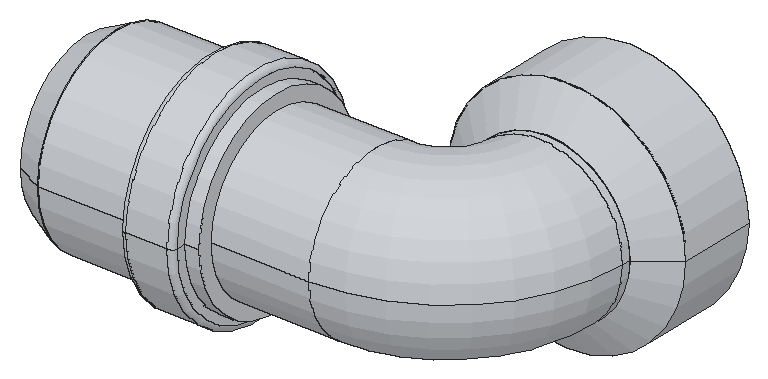
Revit family "RAUPIANO PLUS Connection Elbow", category Pipe Fittings, Revit 2012
Parameters (values of type "Standard")
  tmin 2 [instance] = size_lookup("RAUPIANO Pipe.csv", "tmin", 0 mm, Nominal Diameter 2)  # 0 mm
  di [instance] = size_lookup(Lookup Table Name, "di", 0 mm, Nominal Diameter 1, Nominal Diameter 2)  # 53.7 mm
  a2 [instance] = a - re 1 - 2 mm  # 27 mm
  b [instance] = size_lookup(Lookup Table Name, "b", 0 mm, Nominal Diameter 1, Nominal Diameter 2)  # 88 mm
  tmin 1 [instance] = size_lookup("RAUPIANO Pipe.csv", "tmin", 0 mm, Nominal Diameter 1)  # 42.3 mm
  re 1 [instance] = de 1 / 2  # 20 mm
  e 2 [instance] = size_lookup("RAUPIANO Pipe.csv", "e", 0 mm, Nominal Diameter 1)  # 1.8 mm
  de 1 [instance] = size_lookup(Lookup Table Name, "de", 0 mm, Nominal Diameter 1, Nominal Diameter 2)  # 40 mm
  bmin1 x2 [instance] = bmin 1 * 2  # 7 mm
  a [instance] = size_lookup(Lookup Table Name, "a", 0 mm, Nominal Diameter 1, Nominal Diameter 2)  # 49 mm
  Type Comments = "RAU-PP; Push-fit; White"  # constant formula
  Thermal expansion coefficient [instance] = "0,09 mm/m.K"  # constant formula
  Temperature resistance [instance] = "90°C (continuous), 95°C (short term)"  # constant formula
  T3 = "from DN 50 to OD 47 - 50 mm"
  T2 = "from DN 50 to OD 32 - 40 mm"
  T1 = "from DN 40 to OD 32 - 40 mm"
  Spec Text [instance] = if(and(D1 = 40 mm, D2 = 32 mm), T1, if(and(D1 = 40 mm, D2 = 40 mm), T1, if(and(D1 = 50 mm, D2 = 32 mm), T2, if(and(D1 = 50 mm, D2 = 40 mm), T2, if(and(D1 = 50 mm, D2 = 50 mm), T3, Fail)))))  # "from DN 40 to OD 32 - 40 mm"
  Remarks [instance] = "to be used together with REHAU RAUPIANO PLUS rubber nipple"  # constant formula
  Pressure resistance [instance] = "1 bar (100 kPa, 10m)"  # constant formula
  Nominal Radius 2 [instance] = 16 mm
  Nominal Diameter 2 [instance] = Nominal Radius 2 * 2  # 32 mm
  Materialcode SAP [instance] = if(and(D1 = 40 mm, D2 = 32 mm), M1, if(and(D1 = 40 mm, D2 = 40 mm), M1, if(and(D1 = 50 mm, D2 = 32 mm), M2, if(and(D1 = 50 mm, D2 = 40 mm), M2, if(and(D1 = 50 mm, D2 = 50 mm), M3, Fail)))))  # "11231741001"
  Manufacturer = "REHAU"  # constant formula
  M3 = "11214441001"
  M2 = "11226941001"
  M1 = "11231741001"
  Health and environmental impact [instance] = "Halogen-free (no F, Cl, Br, J) and 100% recyclable"  # constant formula
  Fire load [instance] = "14.992 kJ/kg"  # constant formula
  Fire behaviour [instance] = "B2 (DIN 4102); D,S3-d0 (EN 13501-1)"  # constant formula
  Fail = "No article found"
  Description = "REHAU RAUPIANO PLUS connection elbow"  # constant formula
  D2 [instance] = Nominal Diameter 2  # 32 mm
  D1 [instance] = Nominal Diameter 1  # 40 mm
  Chemical resistance [instance] = "pH 2 - 12"  # constant formula
  Belt thickness [instance] = ((Dmax 1 / 2) - Sleeve Radius 1)  # 3.5 mm
  bmin 1 [instance] = size_lookup("RAUPIANO Pipe.csv", "bmin", 0 mm, Nominal Diameter 1)  # 3.5 mm
  Sleeve Radius 2 [instance] = (di / 2) + e 2  # 28.65 mm
  Sleeve Radius 1 [instance] = (Dmax 1 + de 1) / 4  # 23.5 mm
  Sleeve Length 2 2 [instance] = (a - Center Radius - 2 mm) / 4 * 3  # 18.75 mm
  Sleeve Length 1 [instance] = tmin 1 + bmin 1  # 45.8 mm
  Nominal Radius 1 [instance] = 20 mm
  Nominal Diameter 1 [instance] = Nominal Radius 1 * 2  # 40 mm
  Loss Method = K Coefficient from Table
  Lookup Table Name = "RAUPIANO Connection Elbow.csv"
  K Coefficient Table = "Regular 45, 90 and 180 Elbow"
  Dmax 1 [instance] = size_lookup("RAUPIANO Pipe.csv", "Dmax", 0 mm, Nominal Diameter 1)  # 54 mm
  Center to End [instance] = Center Radius * tan(alpha / 2)  # 22 mm
  Center Radius [instance] = re 1 + 2 mm  # 22 mm
  alpha [instance] = 90.00°  # constant formula
  Belt Radius 1 [instance] = ((Dmax 1 / 2) - Sleeve Radius 1) / 2.5  # 1.4 mm
  red1 [instance] = (a - Center Radius - 2 mm) / 4  # 6.25 mm
  Belt Length 1 [instance] = 3 / 10 * tmin 1  # 12.69 mm
  Article No [instance] = if(and(D1 = 40 mm, D2 = 32 mm), A1, if(and(D1 = 40 mm, D2 = 40 mm), A1, if(and(D1 = 50 mm, D2 = 32 mm), A2, if(and(D1 = 50 mm, D2 = 40 mm), A2, if(and(D1 = 50 mm, D2 = 50 mm), A3, Fail)))))  # "123174-001"
  Application [instance] = "Not to be exposed to UV-radiation"  # constant formula
  Acoustic properties [instance] = "Rw + Ctr 42 (with industry standard suspended ceiling)"  # constant formula
  A3 = "121444-001"
  A2 = "122694-001"
  A1 = "123174-001"
Reference planes
  plane 1 "Center (Front/Back)": y = 0
  plane 2: z = 0
  plane 3 "Center (Left/Right)": x = 0
  plane 4: x = -22
  plane 5: y = 22
  plane 6: x = -84.5
  plane 7: x = -88
  plane 8: x = -91.5
  plane 9: x = -49.2
  plane 10: x = -61.89
  plane 11: x = -45.7
Forms (mm)
  Sweep 1, solid, detail levels fine
    path in 3D
      loop
        line (-84.5, 0, 0) -> (-45.7, 0, 0)
    profile origin (-65.1, 0, 0) x (0, 1, 0) y (0, 0, 1)
      loop
        circle (0, 0) r 23.5
  Sweep 2, solid, detail levels fine
    path in 3D
      loop
        arc (-22, 0, 0) -> (-6.444, 6.444, 0) -> (0, 22, 0) r 22
    profile origin (-6.444, 6.444, 0) x (-0.707107, 0.707107, 0) y (0, 0, 1)
      loop
        circle (0, 0) r 20
  SweptBlend 3, solid, detail levels fine
    path in 3D
      loop
        line (0, 30.25, 0) -> (0, 24, 0)
    profile origin (0, 30.25, 0) x (1, 0, 0) y (0, 0, 1)
      loop
        circle (0, 0) r 28.65
    end profile origin (0, 24, 0) x (1, 0, 0) y (0, 0, 1)
      loop
        circle (0, 0) r 20
  Sweep 4, solid, detail levels fine
    path in 3D
      loop
        line (0, 30.25, 0) -> (0, 49, 0)
    profile origin (0, 39.625, 0) x (-1, 0, 0) y (0, 0, 1)
      loop
        circle (0, 0) r 28.65
  SweptBlend 5, solid, detail levels fine
    path in 3D
      loop
        line (-84.5, 0, 0) -> (-91.5, 0, 0)
    profile origin (-84.5, 0, 0) x (0, -1, 0) y (0, 0, 1)
      loop
        circle (0, 0) r 23.5
    end profile origin (-91.5, 0, 0) x (0, -1, 0) y (0, 0, 1)
      loop
        circle (0, 0) r 20
  Revolve 6, solid, detail levels fine
    sketch origin (0, 0, 0) x (1, 0, 0) y (0, 1, 0)
      loop
        line (-61.89, -23.5) -> (-61.89, -25.6)
        arc (-61.89, -25.6) -> (-61.48, -26.59) -> (-60.49, -27) r 1.4
        line (-60.49, -27) -> (-50.6, -27)
        arc (-50.6, -27) -> (-49.61, -26.59) -> (-49.2, -25.6) r 1.4
        line (-49.2, -25.6) -> (-49.2, -23.5) -> (-61.89, -23.5)
      axis (-49.2, 0) -> (-61.89, 0)
    angle from 0 to 360
  Extrusion 7, solid, detail levels fine
    sketch origin (-22, 1524, 1219.2) x (0, 1, 0) y (0, 0, 1)
      loop
        circle (-1524, -1219.2) r 20
    from 0 to -23.7
  Sweep 8, solid, detail levels fine
    path in 3D
      loop
        line (0, 22, 0) -> (0, 24, 0)
    profile origin (0, 23, 0) x (-1, 0, 0) y (0, 0, 1)
      loop
        circle (0, 0) r 20
Cuts and joins
  joined: Sweep 2, Extrusion 7, Sweep 8
Lines and regions (mm)
  reference lines
    curve 1: line (-84.5, 0, 0) -> (-45.7, 0, 0)
    curve 2: arc (-22, 0, 0) -> (-6.444, 6.444, 0) -> (0, 22, 0) r 22
    curve 3: line (0, 22, 0) -> (0, 49, 0)
    curve 6: line (0, 30.25, 0) -> (0, 49, 0)
    curve 7: line (0, 30.25, 0) -> (0, 24, 0)
    curve 10: line (-84.5, 0, 0) -> (-91.5, 0, 0)
    curve 17: line (0, 22, 0) -> (20, 22, 0)
    curve 18: line (0, 22, 0) -> (0, 24, 0)
  sketch lines
    curve 4: line (-84.5, 0, 0) -> (-45.7, 0, 0)
    curve 5: arc (-22, 0, 0) -> (-6.444, 6.444, 0) -> (0, 22, 0) r 22
    curve 8: line (0, 30.25, 0) -> (0, 24, 0)
    curve 9: line (0, 30.25, 0) -> (0, 49, 0)
    curve 11: line (-84.5, 0, 0) -> (-91.5, 0, 0)
    curve 19: line (0, 22, 0) -> (0, 24, 0)
  model lines, style "PipeFitting", detail levels coarse+medium
    curve 12: line (-91.5, 20, 0) -> (-91.5, -20, 0)
    curve 13: line (-22, 0, 0) -> (-91.5, 0, 0)
    curve 14: arc (-22, 0, 0) -> (-6.444, 6.444, 0) -> (0, 22, 0) r 22
    curve 15: line (0, 22, 0) -> (0, 49, 0)
    curve 16: line (-16, 49, 0) -> (16, 49, 0)
  model lines, style "Symbol", detail levels coarse+medium
    curve 20: line (0, 49, 16) -> (0, 49, -16)
    curve 21: line (-91.5, 0, 20) -> (-91.5, 0, -20)
Dimensions and locks
  "Center to End": plane 4 to plane 3 "Center (Left/Right)"
  "Center Radius": plane 5 to plane 1 "Center (Front/Back)"
  "tmin 1": plane 7 to plane 11
  "a2": curve 3 to curve 3
  locked: plane 5 to curve 2 at 0
  locked: plane 4 to curve 2 at 0
  equal spacing: plane 8, plane 7, plane 6
  "bmin 1": plane 7 to plane 6
  "Belt thickness": plane 9 to plane 11
  "Belt Length 1": plane 10 to plane 9
  "Belt thickness": Revolve 6 sketch curve to Revolve 6 sketch curve
  "Sleeve Radius 1": Revolve 6 sketch curve to plane 1 "Center (Front/Back)"
  "Nominal Diameter 1": curve 12 to curve 12
  equal spacing: curve 12, plane 1 "Center (Front/Back)", curve 12
  "Nominal Diameter 2": curve 16 to curve 16
  equal spacing: curve 16, curve 15, curve 16
  "a2": curve 15 to curve 15
  "b": plane 7 to plane 3 "Center (Left/Right)"
  "red1": curve 7 to curve 7
  "Sleeve Length 2 2": curve 6 to curve 6
  "re 1": curve 17 to curve 17
  equal spacing: curve 20, curve 3, curve 20
  "Nominal Radius 2": curve 3 to curve 20
  equal spacing: curve 21, level, curve 21
  "Nominal Radius 1": curve 21 to level
  "Center Radius": radius of curve 2
  "Sleeve Radius 1": radius of Sweep 1 sketch curve
  "re 1": radius of Sweep 2 sketch curve
  "Sleeve Radius 2": radius of SweptBlend 3 sketch curve
  "re 1": radius of SweptBlend 3 sketch curve
  "Sleeve Radius 2": radius of Sweep 4 sketch curve
  "Sleeve Radius 1": radius of SweptBlend 5 sketch curve
  "re 1": radius of SweptBlend 5 sketch curve
  "Belt Radius 1": radius of Revolve 6 sketch curve  (x2)
  "re 1": radius of Extrusion 7 sketch curve
  "re 1": radius of Sweep 8 sketch curve
  "alpha": angle curve 2 to curve 2
  "alpha": angle plane 1 "Center (Front/Back)" to curve 3
  "alpha": angle curve 14 to curve 14
  locked: curve 15 to curve 16 (angle 90.00°)
  aligned and locked: plane 1 "Center (Front/Back)" to curve 1
  aligned and locked: plane 4 to curve 2
  aligned and locked: plane 6 to curve 10
  aligned and locked: plane 8 to curve 10
  aligned and locked: Revolve 6 sketch curve to plane 9
  aligned and locked: Revolve 6 sketch curve to plane 10
  aligned and locked: Revolve 6 sketch curve to Revolve 6 sketch curve
  aligned and locked: curve 12 to plane 8
  aligned and locked: plane 4 to curve 13
  aligned and locked: plane 1 "Center (Front/Back)" to curve 14
  aligned and locked: curve 3 to curve 15
  aligned and locked: curve 16 to curve 3
  aligned and locked: plane 11 to curve 1
  aligned and locked: Extrusion 7 to plane 11
  aligned and locked: curve 18 to curve 3
  aligned and locked: curve 20 to curve 3
  aligned and locked: curve 21 to plane 8
Automatic sketch dimensions
  Sweep 1 sketch curve to profile plane = 0 mm  (x2)
  Sweep 2 sketch curve to profile plane = 0 mm
  profile plane to Sweep 2 sketch curve = 0 mm
  SweptBlend 3 sketch curve to profile plane = 0 mm  (x4)
  Sweep 4 sketch curve to profile plane = 0 mm
  profile plane to Sweep 4 sketch curve = 0 mm
  SweptBlend 5 sketch curve to profile plane = 0 mm  (x4)
  Revolve 6 sketch curve to plane 1 "Center (Front/Back)" = 0 mm
  Revolve 6 sketch curve to plane 8 = 1428.071 mm
  plane 3 "Center (Left/Right)" to Revolve 6 sketch curve = 1524 mm
  curve 14 to plane 5 = 0 mm
  Extrusion 7 sketch curve to level = 0 mm
  Extrusion 7 sketch curve to plane 1 "Center (Front/Back)" = 0 mm
  curve 18 to curve 3 = 0 mm
  curve 6 to curve 3 = 0 mm
  Sweep 8 sketch curve to profile plane = 0 mm
  profile plane to Sweep 8 sketch curve = 0 mm
Connectors
  piping at (-91.5, 0, 0), driven by "Nominal Radius 1"
    settings: on SweptBlend 5, index 1, connector radius 20 mm, flow factor 0, pipe flow 0.0 L/s, pressure drop 0.0 Pa, fitting loss kfactor 0, connector angle 0.00°, fixture units 0, engagement length 0 mm, flow configuration 0, flow direction 0, fitting loss method 0, system type 28, joint type 0, gender type 0, connector reference index 2, connector utility 0, adjustable connector no, is connector primary yes, fitting loss table "", connector description ""
  piping at (0, 49, 0), driven by "alpha", driven by "Nominal Radius 2"
    settings: on Sweep 4, index 2, connector radius 16 mm, flow factor 0, pipe flow 0.0 L/s, pressure drop 0.0 Pa, fitting loss kfactor 0, connector angle 90.00°, fixture units 0, engagement length 0 mm, flow configuration 0, flow direction 0, fitting loss method 0, system type 28, joint type 0, gender type 0, connector reference index 1, connector utility 0, adjustable connector no, is connector primary no, fitting loss table "", connector description ""
